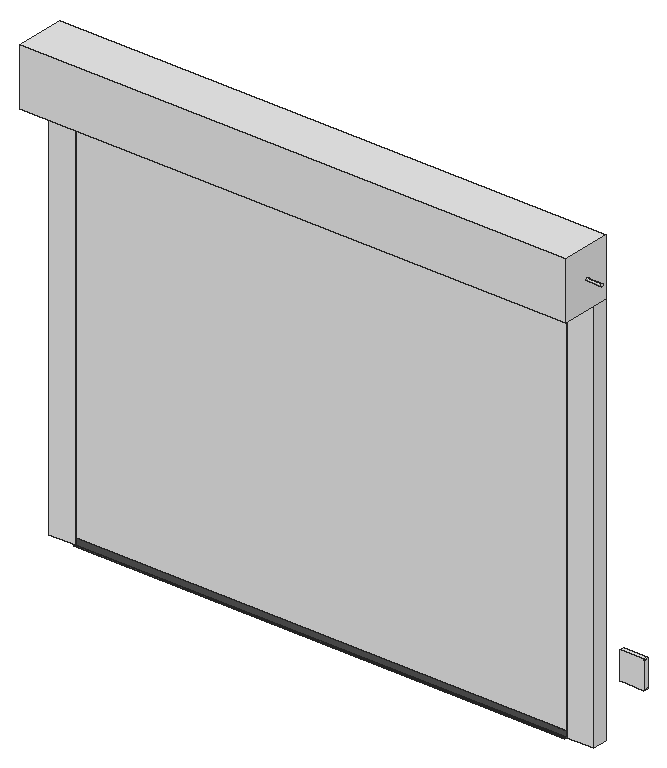
Revit family "Overhead_Door_WD_Rapidshield_888", category Doors, host Wall, Revit 2019
Family settings
  Host = Wall
  OmniClass Number = 23.30.10.00
  OmniClass Title = Doors
  Always vertical = Yes
  Cut with Voids When Loaded = No
  Shared = No
  Room Calculation Point = No
Parameters
  Width = 26' - 0"
  URL = "http://www.wayne-dalton.com"
  Thickness = 0' - 0"
  Specification = "https://www.arcat.com/company/wayne-dalton-36462/spec"
  SpecWizard = "https://www.arcat.com/company/wayne-dalton-36462/sw"
  Sales Information = "https://www.wayne-dalton.com/"
  Rough Width = 0' - 0"
  Rough Height = 0' - 0"
  Revision = ""
  Product Properties = "https://www.wayne-dalton.com/high-speed-metal-door-888"
  Product Data = "https://www.arcat.com/arcatcos/cos36/arc36462.html"
  Panel Material = Finishes - WD - White
  Operation = ""
  Opening Width = 8' - 0"
  Opening Height = 8' - 0"
  OmniClass Title = ""
  OmniClass Number = ""
  Model = "Rapidshield"
  MasterFormat04 Keynote = ""
  Manufacturer's Notes = ""
  Manufacturer Website = "https://www.wayne-dalton.com/"
  Manufacturer = "Wayne Dalton"
  Keynote = "08 33 23.13"
  Installation-Fabrication = ""
  Hood Material = Finishes - WD - White
  Height = 21' - 0"
  Green Building-LEED = ""
  Wall Closure = By host
  Function = Interior
  Frame Finish = Finishes - WD - White
  Fire Rating = ""
  Drawn By = "Arcat"
  Door Height = (Height / 0' 3") / 1 - 2  # 82
  Description = ""
  Cost = 0
  Copyright = "Arcat, Inc. ©2021"
  Construction Type = ""
  Construction Details = "https://www.arcat.com/company/wayne-dalton-36462/cad"
  Company_ID = 0
  Category = "Doors"
  Bottom Bar Finish [instance] = Finishes - WD - Black
  Assembly Code = ""
Reference planes (in)
  plane 1 "Center (Front/Back)": y = 0
  plane 2 "Center (Left/Right)": x = 0
  plane 3 "Left": x = -156
  plane 4 "Right": x = 156
  plane 5 "Top": z = 252
  plane 6 "Exterior": y = 3
  plane 7 "Interior": y = -3
  plane 8: z = 48
  plane 9: x = -173.25
  plane 10: x = 173.25
  plane 11: x = 192
  plane 12: y = -12.5
Forms (in)
  Extrusion 1, solid, material "Finishes - WD - White" <- "Frame Finish"
    sketch origin (0, 0, 0) x (1, 0, 0) y (0, 1, 0)
      loop
        line (-173.25, -3) -> (-173.25, -12.5) -> (-156, -12.5) -> (-156, -3) -> (-173.25, -3)
      loop
        line (156, -3) -> (156, -12.5) -> (173.25, -12.5) -> (173.25, -3) -> (156, -3)
    from 0 to 252
  Extrusion 2, solid, material "Finishes - WD - Black" <- "Bottom Bar Finish"
    sketch origin (0, 0, 0) x (0, 1, 0) y (0, 0, 1)
      loop
        line (-10, 0) -> (-10, 0.25) -> (-11.25, 0.25) -> (-11.25, 4) -> (-12.5, 4) -> (-12.5, 0.25) -> (-13.75, 0.25) -> (-13.75, 0) -> (-10, 0)
    from -156 to 156
  Extrusion 3, solid, material "Finishes - WD - White" <- "Panel Material"
    sketch origin (0, 0, 0) x (1, 0, 0) y (0, 1, 0)
      loop
        line (-156, -11.25) -> (-156, -12.5) -> (156, -12.5) -> (156, -11.25) -> (-156, -11.25)
    from 4 to 252
Lines and regions (in)
  Opening 1
    outline origin (-90, -3, 0) x (1, 0, 0) y (0, 0, 1)
      loop
        line (-66, 0) -> (246, 0) -> (246, 252) -> (-66, 252) -> (-66, 0)
  model lines, detail levels medium+fine
    curve 1: line (-156, -12.5, 7) -> (156, -12.5, 7)
    curve 2: line (-156, -12.5, 10) -> (156, -12.5, 10)
    curve 3: line (-156, -12.5, 13) -> (156, -12.5, 13)
    curve 4: line (-156, -12.5, 16) -> (156, -12.5, 16)
    curve 5: line (-156, -12.5, 19) -> (156, -12.5, 19)
    curve 6: line (-156, -12.5, 22) -> (156, -12.5, 22)
    curve 7: line (-156, -12.5, 25) -> (156, -12.5, 25)
    curve 8: line (-156, -12.5, 28) -> (156, -12.5, 28)
    curve 9: line (-156, -12.5, 31) -> (156, -12.5, 31)
    curve 10: line (-156, -12.5, 34) -> (156, -12.5, 34)
    curve 11: line (-156, -12.5, 37) -> (156, -12.5, 37)
    curve 12: line (-156, -12.5, 40) -> (156, -12.5, 40)
    curve 13: line (-156, -12.5, 43) -> (156, -12.5, 43)
    curve 14: line (-156, -12.5, 46) -> (156, -12.5, 46)
    curve 15: line (-156, -12.5, 49) -> (156, -12.5, 49)
    curve 16: line (-156, -12.5, 52) -> (156, -12.5, 52)
    curve 17: line (-156, -12.5, 55) -> (156, -12.5, 55)
    curve 18: line (-156, -12.5, 58) -> (156, -12.5, 58)
    curve 19: line (-156, -12.5, 61) -> (156, -12.5, 61)
    curve 20: line (-156, -12.5, 64) -> (156, -12.5, 64)
    curve 21: line (-156, -12.5, 67) -> (156, -12.5, 67)
    curve 22: line (-156, -12.5, 70) -> (156, -12.5, 70)
    curve 23: line (-156, -12.5, 73) -> (156, -12.5, 73)
    curve 24: line (-156, -12.5, 76) -> (156, -12.5, 76)
    curve 25: line (-156, -12.5, 79) -> (156, -12.5, 79)
    curve 26: line (-156, -12.5, 82) -> (156, -12.5, 82)
    curve 27: line (-156, -12.5, 85) -> (156, -12.5, 85)
    curve 28: line (-156, -12.5, 88) -> (156, -12.5, 88)
    curve 29: line (-156, -12.5, 91) -> (156, -12.5, 91)
    curve 30: line (-156, -12.5, 94) -> (156, -12.5, 94)
    curve 31: line (-156, -12.5, 97) -> (156, -12.5, 97)
    curve 32: line (-156, -12.5, 100) -> (156, -12.5, 100)
    curve 33: line (-156, -12.5, 103) -> (156, -12.5, 103)
    curve 34: line (-156, -12.5, 106) -> (156, -12.5, 106)
    curve 35: line (-156, -12.5, 109) -> (156, -12.5, 109)
    curve 36: line (-156, -12.5, 112) -> (156, -12.5, 112)
    curve 37: line (-156, -12.5, 115) -> (156, -12.5, 115)
    curve 38: line (-156, -12.5, 118) -> (156, -12.5, 118)
    curve 39: line (-156, -12.5, 121) -> (156, -12.5, 121)
    curve 40: line (-156, -12.5, 124) -> (156, -12.5, 124)
    curve 41: line (-156, -12.5, 127) -> (156, -12.5, 127)
    curve 42: line (-156, -12.5, 130) -> (156, -12.5, 130)
    curve 43: line (-156, -12.5, 133) -> (156, -12.5, 133)
    curve 44: line (-156, -12.5, 136) -> (156, -12.5, 136)
    curve 45: line (-156, -12.5, 139) -> (156, -12.5, 139)
    curve 46: line (-156, -12.5, 142) -> (156, -12.5, 142)
    curve 61: line (-156, -12.5, 145) -> (156, -12.5, 145)
    curve 62: line (-156, -12.5, 148) -> (156, -12.5, 148)
    curve 63: line (-156, -12.5, 151) -> (156, -12.5, 151)
    curve 64: line (-156, -12.5, 154) -> (156, -12.5, 154)
    curve 65: line (-156, -12.5, 157) -> (156, -12.5, 157)
    curve 66: line (-156, -12.5, 160) -> (156, -12.5, 160)
    curve 67: line (-156, -12.5, 163) -> (156, -12.5, 163)
    curve 68: line (-156, -12.5, 166) -> (156, -12.5, 166)
    curve 69: line (-156, -12.5, 169) -> (156, -12.5, 169)
    curve 70: line (-156, -12.5, 172) -> (156, -12.5, 172)
    curve 71: line (-156, -12.5, 175) -> (156, -12.5, 175)
    curve 72: line (-156, -12.5, 178) -> (156, -12.5, 178)
    curve 73: line (-156, -12.5, 181) -> (156, -12.5, 181)
    curve 74: line (-156, -12.5, 184) -> (156, -12.5, 184)
    curve 75: line (-156, -12.5, 187) -> (156, -12.5, 187)
    curve 76: line (-156, -12.5, 190) -> (156, -12.5, 190)
    curve 77: line (-156, -12.5, 193) -> (156, -12.5, 193)
    curve 78: line (-156, -12.5, 196) -> (156, -12.5, 196)
    curve 79: line (-156, -12.5, 199) -> (156, -12.5, 199)
    curve 80: line (-156, -12.5, 202) -> (156, -12.5, 202)
    curve 81: line (-156, -12.5, 205) -> (156, -12.5, 205)
    curve 82: line (-156, -12.5, 208) -> (156, -12.5, 208)
    curve 83: line (-156, -12.5, 211) -> (156, -12.5, 211)
    curve 84: line (-156, -12.5, 214) -> (156, -12.5, 214)
    curve 85: line (-156, -12.5, 217) -> (156, -12.5, 217)
    curve 86: line (-156, -12.5, 220) -> (156, -12.5, 220)
    curve 87: line (-156, -12.5, 223) -> (156, -12.5, 223)
    curve 88: line (-156, -12.5, 226) -> (156, -12.5, 226)
    curve 89: line (-156, -12.5, 229) -> (156, -12.5, 229)
    curve 90: line (-156, -12.5, 232) -> (156, -12.5, 232)
    curve 91: line (-156, -12.5, 235) -> (156, -12.5, 235)
    curve 92: line (-156, -12.5, 238) -> (156, -12.5, 238)
    curve 93: line (-156, -12.5, 241) -> (156, -12.5, 241)
    curve 94: line (-156, -12.5, 244) -> (156, -12.5, 244)
    curve 95: line (-156, -12.5, 247) -> (156, -12.5, 247)
    curve 96: line (-156, -12.5, 250) -> (156, -12.5, 250)
  symbolic lines, style "DoorsFrameMullionProjection"
    curve 47: line (-173.25, -3, 0) -> (-156, -3, 0)
    curve 48: line (-173.25, -12.5, 0) -> (-173.25, -3, 0)
    curve 49: line (-156, -12.5, 0) -> (-173.25, -12.5, 0)
    curve 50: line (-156, -3, 0) -> (-156, -12.5, 0)
    curve 51: line (156, -3, 0) -> (173.25, -3, 0)
    curve 52: line (156, -12.5, 0) -> (156, -3, 0)
    curve 53: line (173.25, -12.5, 0) -> (156, -12.5, 0)
    curve 54: line (173.25, -3, 0) -> (173.25, -12.5, 0)
  symbolic lines, style "DoorsPanelProjection"
    curve 55: line (-156, -11.25, 0) -> (156, -11.25, 0)
    curve 56: line (156, -12.5, 0) -> (-156, -12.5, 0)
  symbolic lines, style "Doors"
    curve 57: line (184.25, -3, 0) -> (199.75, -3, 0)
    curve 58: line (184.25, -5.5, 0) -> (184.25, -3, 0)
    curve 59: line (199.75, -5.5, 0) -> (184.25, -5.5, 0)
    curve 60: line (199.75, -3, 0) -> (199.75, -5.5, 0)
Text (in)
  text "Exterior" at (-74.96733, 27.31104, 0), in view "Ref. Level"
  text "Interior" at (-74.96733, -25.14366, 0), in view "Ref. Level"
  text "Exterior" at (0, 40.15149, 123.01588), in view "Right"
  text "Interior" at (0, -64.39139, 123.01588), in view "Right"
  text "Interior" at (0, -31.01599, 123.00693), in view "Left"
  text "Exterior" at (0, 54.57065, 123.00693), in view "Left"
Dimensions and locks (in)
  equal spacing: plane 3 "Left", plane 2 "Center (Left/Right)", plane 4 "Right"
  "Height": level to plane 5 "Top"
  "Width": plane 3 "Left" to plane 4 "Right"
  plane 8 to level = 4' - 0"
  locked: plane 9 to plane 3 "Left" at 17.25
  locked: plane 4 "Right" to plane 10 at 17.25
  plane 4 "Right" to plane 11 = 3' - 0"
  locked: plane 12 to host wall at 9.5
  "Width": curve 1 to curve 1
  "Width": curve 2 to curve 2
  equal spacing: group 1, group 2, group 3, group 4, group 5, group 6, group 7, group 8, group 9, group 10, group 11, group 12, group 13, group 14, group 15, group 16, group 17, group 18, group 19, group 20, group 21, group 22, group 23, group 24, group 25, group 26, group 27, group 28, group 29, group 30, group 31, group 32, group 33, group 34, group 35, group 36, group 37, group 38, group 39, group 40, group 41, group 42, group 43, group 44, group 45, group 46, group 47, group 48, group 49, group 50, group 51, group 52, group 53, group 54, group 55, group 56, group 57, group 58, group 59, group 60, group 61, group 62, group 63, group 64, group 65, group 66, group 67, group 68, group 69, group 70, group 71, group 72, group 73, group 74, group 75, group 76, group 77, group 78, group 79, group 80, group 81, group 82  (x3)
  "Width": curve 3 to curve 3
  "Width": curve 4 to curve 4
  "Width": curve 5 to curve 5
  "Width": curve 6 to curve 6
  "Width": curve 7 to curve 7
  "Width": curve 8 to curve 8
  "Width": curve 9 to curve 9
  "Width": curve 10 to curve 10
  "Width": curve 11 to curve 11
  "Width": curve 12 to curve 12
  "Width": curve 13 to curve 13
  "Width": curve 14 to curve 14
  "Width": curve 15 to curve 15
  "Width": curve 16 to curve 16
  "Width": curve 17 to curve 17
  "Width": curve 18 to curve 18
  "Width": curve 19 to curve 19
  "Width": curve 20 to curve 20
  "Width": curve 21 to curve 21
  "Width": curve 22 to curve 22
  "Width": curve 23 to curve 23
  "Width": curve 24 to curve 24
  "Width": curve 25 to curve 25
  "Width": curve 26 to curve 26
  "Width": curve 27 to curve 27
  "Width": curve 28 to curve 28
  "Width": curve 29 to curve 29
  "Width": curve 30 to curve 30
  "Width": curve 31 to curve 31
  "Width": curve 32 to curve 32
  "Width": curve 33 to curve 33
  "Width": curve 34 to curve 34
  "Width": curve 35 to curve 35
  "Width": curve 36 to curve 36
  "Width": curve 37 to curve 37
  "Width": curve 38 to curve 38
  "Width": curve 39 to curve 39
  "Width": curve 40 to curve 40
  "Width": curve 41 to curve 41
  "Width": curve 42 to curve 42
  "Width": curve 43 to curve 43
  "Width": curve 44 to curve 44
  "Width": curve 45 to curve 45
  "Width": curve 46 to curve 46
  "Width": curve 61 to curve 61
  "Width": curve 62 to curve 62
  "Width": curve 63 to curve 63
  "Width": curve 64 to curve 64
  "Width": curve 65 to curve 65
  "Width": curve 66 to curve 66
  "Width": curve 67 to curve 67
  "Width": curve 68 to curve 68
  "Width": curve 69 to curve 69
  "Width": curve 70 to curve 70
  "Width": curve 71 to curve 71
  "Width": curve 72 to curve 72
  "Width": curve 73 to curve 73
  "Width": curve 74 to curve 74
  "Width": curve 75 to curve 75
  "Width": curve 76 to curve 76
  "Width": curve 77 to curve 77
  "Width": curve 78 to curve 78
  "Width": curve 79 to curve 79
  "Width": curve 80 to curve 80
  "Width": curve 81 to curve 81
  "Width": curve 82 to curve 82
  "Width": curve 83 to curve 83
  "Width": curve 84 to curve 84
  "Width": curve 85 to curve 85
  "Width": curve 86 to curve 86
  "Width": curve 87 to curve 87
  "Width": curve 88 to curve 88
  "Width": curve 89 to curve 89
  "Width": curve 90 to curve 90
  "Width": curve 91 to curve 91
  "Width": curve 92 to curve 92
  "Width": curve 93 to curve 93
  "Width": curve 94 to curve 94
  "Width": curve 95 to curve 95
  "Width": curve 96 to curve 96
  aligned and locked: plane 3 "Left" to Opening 1 sketch curve
  aligned and locked: plane 5 "Top" to Opening 1 sketch curve  (x2)
  aligned and locked: Opening 1 sketch curve to plane 4 "Right"
  aligned and locked: Opening 1 sketch curve to level
  aligned and locked: plane 6 "Exterior" to host wall
  aligned and locked: host wall to plane 7 "Interior"
  aligned and locked: nested 1 to plane 8
  aligned and locked: plane 2 "Center (Left/Right)" to nested 2
  aligned and locked: plane 5 "Top" to nested 2
  aligned and locked: plane 11 to nested 1
  aligned and locked: Extrusion 1 sketch curve to plane 10
  aligned and locked: Extrusion 1 sketch curve to plane 12
  aligned and locked: Extrusion 1 sketch curve to plane 4 "Right"
  aligned and locked: host wall to Extrusion 1 sketch curve  (x2)
  aligned and locked: plane 3 "Left" to Extrusion 1 sketch curve
  aligned and locked: plane 9 to Extrusion 1 sketch curve
  aligned and locked: plane 12 to Extrusion 1 sketch curve
  aligned and locked: Extrusion 1 to nested 2
  aligned and locked: plane 3 "Left" to Extrusion 2
  aligned and locked: Extrusion 2 to plane 4 "Right"
  aligned and locked: Extrusion 3 to Extrusion 2
  aligned and locked: Extrusion 3 to Extrusion 1  (x2)
  aligned and locked: Extrusion 3 to nested 2
  aligned and locked: plane 9 to curve 48
  aligned and locked: host wall to curve 47
  aligned and locked: plane 3 "Left" to curve 50
  aligned and locked: curve 49 to Extrusion 1
  aligned and locked: curve 53 to Extrusion 1
  aligned and locked: curve 52 to plane 4 "Right"
  aligned and locked: curve 54 to plane 10
  aligned and locked: host wall to curve 51
  aligned and locked: curve 55 to Extrusion 3
  aligned and locked: curve 56 to Extrusion 3
  aligned and locked: host wall to curve 57
  aligned and locked: curve 60 to nested 1
  aligned and locked: curve 58 to nested 1
  aligned and locked: curve 59 to nested 1
Automatic sketch dimensions
  host wall to Extrusion 2 sketch curve = 0' - 7"
  level to Extrusion 2 sketch curve = 0' - 4"
  Extrusion 2 sketch curve to Extrusion 2 sketch curve = 0' - 0 1/4"  (x2)
  Extrusion 2 sketch curve to plane 12 = 0' - 1 1/4"
  plane 12 to Extrusion 2 sketch curve = 0' - 0"
  Extrusion 2 sketch curve to Extrusion 2 sketch curve = 0' - 1 1/4"
  Extrusion 2 sketch curve to Extrusion 2 sketch curve = 0' - 3 3/4"
  Extrusion 3 sketch curve to plane 12 = 0' - 0"
  Extrusion 3 sketch curve to plane 3 "Left" = 0' - 0"
  plane 2 "Center (Left/Right)" to Extrusion 3 sketch curve = 13' - 0"
  plane 12 to Extrusion 3 sketch curve = 0' - 1 1/4"
  curve 1 to curve 1 = 26' - 0"
Nested families (in)
  nested 1: "Controller" at (192, -3, 48) x (1, 0, 0) z (0, -1, 0), type "Controller"
  nested 2: "Motor" at (0, -3, 288.5) x (1, 0, 0) z (0, -1, 0), type "Motor"
    with Door Width 26' - 0"
Definition of nested family "Controller"
  Parameters (values of type "Controller")
    Width = 1' - 3 1/2"
    Warranty Duration (Years) = 0
    Specification = ""
    SpecWizard = ""
    Send Message = ""
    Sales Information = ""
    Revision = "R1.0.0"
    Product Properties = ""
    Product Data = ""
    OmniClass Title = ""
    OmniClass Number = ""
    MasterFormat04 Keynote = ""
    Manufacturer's Notes = ""
    Manufacturer Website = ""
    Manufacturer Phone - Toll Free = ""
    Manufacturer Phone = ""
    Manufacturer Fax = ""
    Manufacturer Email = ""
    Manufacturer Address = ""
    Maintenance Schedule (Months) = 0
    Installation-Fabrication = ""
    Installation Phase = ""
    Height = 1' - 5 13/16"
    Green Building-LEED = ""
    Expected Lifespan (Years) = 0
    Drawn By = "Matt Wunch"
    Default Elevation = 4' - 0"
    Copyright = "Arcat, Inc. ©2019"
    Control Panel = none
    Construction Details = ""
    Company_ID = 0
    Category = ""
    Building Codes = ""
  Reference planes (in)
    plane 1 "Center (Front/Back)": y = 0
    plane 2: z = 0
    plane 3 "Center (Left/Right)": x = 0
    plane 4: x = -7.75
    plane 5: y = -8.90625
    plane 6: x = 7.75
    plane 7: y = 8.90625
  Forms (in)
    Extrusion 1, solid, material <- "Control Panel"
      sketch origin (0, -1.25, 0) x (1, 0, 0) y (0, 1, 0)
        loop
          arc (-7.4, 10.15625) -> (-7.64749, 10.05374) -> (-7.75, 9.80625) r 0.35
          line (-7.75, 9.80625) -> (-7.75, -7.30625)
          arc (-7.75, -7.30625) -> (-7.64749, -7.55374) -> (-7.4, -7.65625) r 0.35
          line (-7.4, -7.65625) -> (7.4, -7.65625)
          arc (7.4, -7.65625) -> (7.64749, -7.55374) -> (7.75, -7.30625) r 0.35
          line (7.75, -7.30625) -> (7.75, 9.80625)
          arc (7.75, 9.80625) -> (7.64749, 10.05374) -> (7.4, 10.15625) r 0.35
          line (7.4, 10.15625) -> (-7.4, 10.15625)
      from 0 to 2.5
  Lines and regions (in)
    model lines
      curve 1: line (-4.98438, -0.6344, 2.5) -> (5.1922, -0.6344, 2.5)
      curve 2: line (-5.23438, -6.44241, 2.5) -> (-5.23438, -0.8844, 2.5)
      curve 3: line (5.1922, -6.69241, 2.5) -> (-4.98438, -6.69241, 2.5)
      curve 4: line (5.4422, -0.8844, 2.5) -> (5.4422, -6.44241, 2.5)
      curve 5: line (-4.90291, 0.1928, 2.5) -> (-3.09441, 0.1928, 2.5)
      curve 6: line (-4.90291, 3.96925, 2.5) -> (-4.90291, 0.1928, 2.5)
      curve 7: line (-3.09441, 3.96925, 2.5) -> (-4.90291, 3.96925, 2.5)
      curve 8: line (-3.09441, 0.1928, 2.5) -> (-3.09441, 3.96925, 2.5)
      curve 9: line (-0.31494, 0.88109, 2.5) -> (4.68345, 0.88109, 2.5)
      curve 10: line (-0.31494, 3.87215, 2.5) -> (-0.31494, 0.88109, 2.5)
      curve 11: line (4.68345, 3.87215, 2.5) -> (-0.31494, 3.87215, 2.5)
      curve 12: line (4.68345, 0.88109, 2.5) -> (4.68345, 3.87215, 2.5)
      curve 13: arc (-5.23438, -0.8844, 2.5) -> (-5.16115, -0.70762, 2.5) -> (-4.98438, -0.6344, 2.5) r 0.25
      curve 14: arc (5.1922, -0.6344, 2.5) -> (5.36897, -0.70762, 2.5) -> (5.4422, -0.8844, 2.5) r 0.25
      curve 15: arc (5.4422, -6.44241, 2.5) -> (5.36897, -6.61918, 2.5) -> (5.1922, -6.69241, 2.5) r 0.25
      curve 16: arc (-4.98438, -6.69241, 2.5) -> (-5.16115, -6.61918, 2.5) -> (-5.23438, -6.44241, 2.5) r 0.25
      curve 17: circle (-3.99869, 3.29376, 2.5) r 0.54978 normal (0, 0, 1)
      curve 18: circle (-3.99869, 2.08109, 2.5) r 0.54978 normal (0, 0, 1)
      curve 19: circle (-3.99869, 0.86829, 2.5) r 0.54978 normal (0, 0, 1)
      curve 20: arc (-2.68066, -4.25304, 2.5) -> (-3.3362, -1.83477, 2.5) -> (-3.989, -4.25377, 2.5) r 1.29778
      curve 21: arc (-2.68083, -3.3123, 2.5) -> (-3.33462, -2.4558, 2.5) -> (-3.989, -3.31185, 2.5) r 0.67796
      curve 22: line (-3.989, -4.25377, 2.5) -> (-3.989, -3.31185, 2.5)
      curve 23: arc (-3.989, -4.25304, 2.5) -> (-3.33483, -4.90721, 2.5) -> (-2.68066, -4.25304, 2.5) r 0.65417
      curve 24: line (-2.68083, -4.25045, 2.5) -> (-2.68083, -3.3123, 2.5)
  Dimensions and locks (in)
    equal spacing: plane 7, plane 1 "Center (Front/Back)", plane 5
    equal spacing: plane 4, plane 3 "Center (Left/Right)", plane 6
    "Width": plane 4 to plane 6
    "Height": plane 7 to plane 5
    aligned and locked: plane 2 to level
  Automatic sketch dimensions
    Extrusion 1 sketch curve to plane 4 = 0' - 0"
    Extrusion 1 sketch curve to plane 5 = 0' - 0"
    Extrusion 1 sketch curve to plane 7 = 0' - 0"
    Extrusion 1 sketch curve to plane 6 = 0' - 0"
    plane 4 to Extrusion 1 sketch curve = 0' - 0.35"
    Extrusion 1 sketch curve to Extrusion 1 sketch curve = 0' - 0.35"
    plane 6 to Extrusion 1 sketch curve = 0' - 0.35"  (x2)
    curve 2 to Extrusion 1 = 0' - 2 33/64"
    curve 2 to curve 6 = 0' - 0.33147"
    curve 2 to curve 13 = 0' - 0 1/4"
    curve 6 to curve 8 = 0' - 1.8085"
    curve 5 to curve 10 = 0' - 2.77947"
    curve 12 to Extrusion 1 = 0' - 3.06655"
    curve 3 to Extrusion 1 = 0' - 2.21384"
    curve 3 to Extrusion 1 = 0' - 2.5578"
    curve 9 to curve 14 = 0' - 0.50874"
    curve 14 to curve 4 = 0' - 0 1/4"
    curve 16 to curve 2 = 0' - 0 1/4"
    curve 4 to curve 4 = 0' - 5.55801"
    curve 1 to curve 8 = 0' - 0.82719"
    curve 1 to curve 9 = 0' - 1.51549"
    curve 9 to curve 11 = 0' - 2.99105"
    curve 5 to curve 7 = 0' - 3.77645"
    curve 6 to curve 17 = 0' - 0.90422"
    curve 17 to curve 18 = 0' - 0"
    curve 5 to curve 19 = 0' - 0.90422"
    curve 13 to curve 20 = 0' - 1.64891"
    curve 20 to curve 21 = 0' - 0.00061"
    curve 21 to curve 23 = 0' - 0.00002"
    curve 16 to curve 23 = 0' - 2.18937"
    curve 21 to curve 20 = 0' - 0.0012"
    curve 5 to curve 19 = 0' - 0.67549"
    curve 19 to curve 18 = 0' - 1.2128"
    curve 17 to curve 6 = 0' - 0.67549"
    curve 23 to curve 23 = 0' - 0.65417"
    curve 22 to curve 20 = 0' - 0.65354"
    curve 24 to curve 23 = 0' - 0.00017"
    curve 20 to curve 23 = 0' - 0.00074"
    curve 20 to curve 24 = 0' - 0.00258"
    curve 24 to curve 21 = 0' - 0.17855"
    radius of curve 17 = 0' - 0.54978"
    radius of curve 18 = 0' - 0.54978"
    radius of curve 19 = 0' - 0.54978"
Definition of nested family "Motor"
  Parameters (values of type "Motor")
    Motor Width = 2' - 3 1/2"
    Hood Material = none
    Door Width = 12' - 0"
    Default Elevation = 4' - 0"
  Reference planes (in)
    plane 1 "Center (Front/Back)": y = 0
    plane 2: z = 0
    plane 3 "Center (Left/Right)": x = 0
    plane 4: x = -72
    plane 5: x = 72
    plane 6: x = -75.85
    plane 7: x = -89.5
    plane 8: x = -99.5
    plane 9: x = 75.85
    plane 10: x = 89.5
    plane 11: x = 99.5
    plane 12: z = 32
    plane 13: x = -74.05
    plane 14: x = 74.05
    plane 15: x = -24
    plane 16: x = -48
    plane 17: x = 24
    plane 18: x = 48
  Forms (in)
    Extrusion 1, solid, material <- "Hood Material"
      sketch origin (0, 0, 0) x (1, 0, 0) y (0, 0, 1)
        loop
          line (-89.5, 32) -> (-89.5, 0) -> (89.5, 0) -> (89.5, 32) -> (-89.5, 32)
      from 0 to 36.5
    Extrusion 2, solid, material <- "Hood Material"
      sketch origin (0, 0, 0) x (0, 1, 0) y (0, 0, 1)
        loop
          circle (-18.25, 16) r 0.75
      from 89.5 to 99.5
    Extrusion 3, solid, material <- "Hood Material"
      sketch origin (0, 0, 0) x (0, 1, 0) y (0, 0, 1)
        loop
          circle (-18.25, 16) r 0.75
      from -99.5 to -89.5
  Dimensions and locks (in)
    equal spacing: plane 4, plane 3 "Center (Left/Right)", plane 5
    "Door Width": plane 4 to plane 5
    plane 8 to plane 7 to plane 6 to plane 4 = 0' - 10" locked, 1' - 1.65" locked, 0' - 3.85" locked
    plane 11 to plane 10 to plane 9 to plane 5 = 0' - 10" locked, 1' - 1.65" locked, 0' - 3.85" locked
    plane 12 to level = 2' - 8"
    locked: plane 6 to plane 13 at 1.8
    locked: plane 9 to plane 14 at 1.8
    equal spacing: plane 16, plane 15, plane 3 "Center (Left/Right)", plane 17, plane 18
    aligned and locked: level to plane 2
    aligned and locked: Extrusion 1 sketch curve to plane 12
    aligned and locked: level to Extrusion 1 sketch curve
    aligned and locked: Extrusion 1 sketch curve to plane 10
    aligned and locked: Extrusion 2 to plane 10
    aligned and locked: plane 11 to Extrusion 2
    aligned and locked: Extrusion 3 to plane 7
    aligned and locked: plane 8 to Extrusion 3
    aligned and locked: plane 7 to Extrusion 1 sketch curve
  Automatic sketch dimensions
    Extrusion 2 sketch curve to plane 12 = 1' - 4"
    plane 1 "Center (Front/Back)" to Extrusion 2 sketch curve = 1' - 6 1/4"
    plane 1 "Center (Front/Back)" to Extrusion 3 sketch curve = 1' - 6 1/4"
    level to Extrusion 3 sketch curve = 1' - 4"
    radius of Extrusion 2 sketch curve = 0' - 0 3/4"
    radius of Extrusion 3 sketch curve = 0' - 0 3/4"
